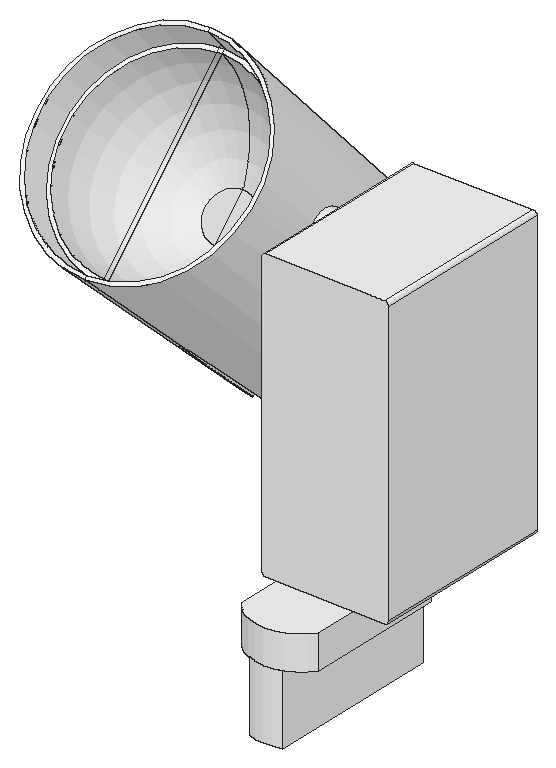
Revit family "0004874 Feilo Sylvania Lighting Fixture START TRACK SPOT S 24W 4K RA90 NB WHITE", category Lighting Fixtures, host Face, Revit 2017 (continued)
Definition of nested family "Start Track Spot Head"
  Types (96, lengths in mm): name | Wattage | built-in parameter 1150134 | Photometric Web File | Model | built-in parameter 1150105 | Lumens | built-in parameter 1150107 | built-in parameter 1150106 | HeadThickness_FEILO | HeadRibOffset_FEILO | HeadRibDepth_FEILO | HeadRibCutWidth_FEILO | HeadRibCutOffset_FEILO | HeadReflectorRadius_FEILO | HeadReflectorOffset_FEILO | HeadLEDRadius_FEILO | HeadHeight_FEILO | HeadDiffusorOffset_FEILO | HeadDiaOut_FEILO | HeadDiaIn_FEILO | HeadAxisFromTop_FEILO | Emit from Circle Diameter | built-in parameter 1150104 | Description | Apparent Load
    0004864 START TRACK SPOT S 24W 3K RA90 WB WHITE | 24 W | (empty or 0) | "0004864.ies" | "START TRACK SPOT S 24W 3K RA90 WB WHITE" | 152.79 (stored number, unit not read) | 1920 lm | 3000 (stored number, unit not read) | 1.5279 (stored number, unit not read) | 1.5 | 4.179 | 55.714 | 7.167 | 50.87 | 50.588 | 55.714 | 9.556 | 117 | 9.435 | 86 | 77.477 | 69.354 | 77.477 | 7.4322 (stored number, unit not read) | "Integrated LED spotlight, Textured White - RAL9016, compact and minimalist design, ideal for retail applications, die-cast aluminium body, passive cooling heatsink. Beam angle: 64°, color temperature: 3000K , total system power: 24W, total fixture output: 1928 lm, LOR: 100%, colour rendering: Ra: 90 typical, LED Chromaticity: 3 step MacAdam ellipse, lifetime: >50000 hours at L70B50, energy class: A++, A+, A, IR/UV free light source without heat radiation, operating voltage: 220-240V / 50-60Hz, drive current: 600mA, electronic driver, non-dimmable, power factor: 0.95, electrical protection: Class II, Global Track 3 Phase adapter suitable for Global trac 3-circuit tracks, ingress protection rating: IP20, suitable for internal environment only, horizontal rotation: 355°, vertical tilt: 90°, dimensions: Ø86x140x200, weight: 0.966kg." | 24 VA
    0004863 START TRACK SPOT S 24W 3K RA90 MB WHITE | 24 W | (empty or 0) | "0004863.ies" | "START TRACK SPOT S 24W 3K RA90 MB WHITE" | 154.7 (stored number, unit not read) | 1944 lm | 3000 (stored number, unit not read) | 1.547 (stored number, unit not read) | 1.5 | 4.179 | 55.714 | 7.167 | 50.87 | 50.588 | 55.714 | 9.556 | 117 | 9.435 | 86 | 77.477 | 69.354 | 77.477 | 7.5251 (stored number, unit not read) | "Integrated LED spotlight, Textured White - RAL9016, compact and minimalist design, ideal for retail applications, die-cast aluminium body, passive cooling heatsink. Beam angle: 36°, color temperature: 3000K , total system power: 24W, total fixture output: 1944 lm, LOR: 100%, colour rendering: Ra: 90 typical, LED Chromaticity: 3 step MacAdam ellipse, lifetime: >50000 hours at L70B50, energy class: A++, A+, A, IR/UV free light source without heat radiation, operating voltage: 220-240V / 50-60Hz, drive current: 600mA, electronic driver, non-dimmable, power factor: 0.95, electrical protection: Class II, Global Track 3 Phase adapter suitable for Global trac 3-circuit tracks, ingress protection rating: IP20, suitable for internal environment only, horizontal rotation: 355°, vertical tilt: 90°, dimensions: Ø86x140x200, weight: 0.966kg." | 24 VA
    0004862 START TRACK SPOT S 24W 3K RA90 NB WHITE | 24 W | (empty or 0) | "0004862.ies" | "START TRACK SPOT S 24W 3K RA90 NB WHITE" | 158.52 (stored number, unit not read) | 1992 lm | 3000 (stored number, unit not read) | 1.5852 (stored number, unit not read) | 1.5 | 4.179 | 55.714 | 7.167 | 50.87 | 50.588 | 55.714 | 9.556 | 117 | 9.435 | 86 | 77.477 | 69.354 | 77.477 | 7.711 (stored number, unit not read) | "Integrated LED spotlight, Textured White - RAL9016, compact and minimalist design, ideal for retail applications, die-cast aluminium body, passive cooling heatsink. Beam angle: 12°, color temperature: 3000K , total system power: 24W, total fixture output: 1987 lm, LOR: 100%, colour rendering: Ra: 90 typical, LED Chromaticity: 3 step MacAdam ellipse, lifetime: >50000 hours at L70B50, energy class: A++, A+, A, IR/UV free light source without heat radiation, operating voltage: 220-240V / 50-60Hz, drive current: 600mA, electronic driver, non-dimmable, power factor: 0.95, electrical protection: Class II, Global Track 3 Phase adapter suitable for Global trac 3-circuit tracks, ingress protection rating: IP20, suitable for internal environment only, horizontal rotation: 355°, vertical tilt: 90°, dimensions: Ø86x140x200, weight: 0.966kg." | 24 VA
    0004861 START TRACK SPOT S 14W 3K RA90 WB WHITE | 14 W | (empty or 0) | "0004861.ies" | "START TRACK SPOT S 14W 3K RA90 WB WHITE" | 100.27 (stored number, unit not read) | 1260 lm | 3000 (stored number, unit not read) | 1.0027 (stored number, unit not read) | 1.5 | 4.179 | 55.714 | 7.167 | 50.87 | 50.588 | 55.714 | 9.556 | 117 | 9.435 | 86 | 77.477 | 69.354 | 77.477 | 8.3613 (stored number, unit not read) | "Integrated LED spotlight, Textured White - RAL9016, compact and minimalist design, ideal for retail applications, die-cast aluminium body, passive cooling heatsink. Beam angle: 64°, color temperature: 3000K , total system power: 14W, total fixture output: 1262 lm, LOR: 100%, colour rendering: Ra: 90 typical, LED Chromaticity: 3 step MacAdam ellipse, lifetime: >50000 hours at L70B50, energy class: A++, A+, A, IR/UV free light source without heat radiation, operating voltage: 220-240V / 50-60Hz, drive current: 350mA, electronic driver, non-dimmable, power factor: 0.92, electrical protection: Class II, Global Track 3 Phase adapter suitable for Global trac 3-circuit tracks, ingress protection rating: IP20, suitable for internal environment only, horizontal rotation: 355°, vertical tilt: 90°, dimensions: Ø86x140x200, weight: 0.940kg." | 14 VA
    0004860 START TRACK SPOT S 14W 3K RA90 MB WHITE | 14 W | (empty or 0) | "0004860.ies" | "START TRACK SPOT S 14W 3K RA90 MB WHITE" | 100.27 (stored number, unit not read) | 1260 lm | 3000 (stored number, unit not read) | 1.0027 (stored number, unit not read) | 1.5 | 4.179 | 55.714 | 7.167 | 50.87 | 50.588 | 55.714 | 9.556 | 117 | 9.435 | 86 | 77.477 | 69.354 | 77.477 | 8.3613 (stored number, unit not read) | "Integrated LED spotlight, Textured White - RAL9016, compact and minimalist design, ideal for retail applications, die-cast aluminium body, passive cooling heatsink. Beam angle: 36°, color temperature: 3000K , total system power: 14W, total fixture output: 1262 lm, LOR: 100%, colour rendering: Ra: 90 typical, LED Chromaticity: 3 step MacAdam ellipse, lifetime: >50000 hours at L70B50, energy class: A++, A+, A, IR/UV free light source without heat radiation, operating voltage: 220-240V / 50-60Hz, drive current: 350mA, electronic driver, non-dimmable, power factor: 0.92, electrical protection: Class II, Global Track 3 Phase adapter suitable for Global trac 3-circuit tracks, ingress protection rating: IP20, suitable for internal environment only, horizontal rotation: 355°, vertical tilt: 90°, dimensions: Ø86x140x200, weight: 0.940kg." | 14 VA
    0004859 START TRACK SPOT S 14W 3K RA90 NB WHITE | 14 W | (empty or 0) | "0004859.ies" | "START TRACK SPOT S 14W 3K RA90 NB WHITE" | 102.5 (stored number, unit not read) | 1288 lm | 3000 (stored number, unit not read) | 1.025 (stored number, unit not read) | 1.5 | 4.179 | 55.714 | 7.167 | 50.87 | 50.588 | 55.714 | 9.556 | 117 | 9.435 | 86 | 77.477 | 69.354 | 77.477 | 8.5471 (stored number, unit not read) | "Integrated LED spotlight, Textured White - RAL9016, compact and minimalist design, ideal for retail applications, die-cast aluminium body, passive cooling heatsink. Beam angle: 12°, color temperature: 3000K , total system power: 14W, total fixture output: 1284 lm, LOR: 100%, colour rendering: Ra: 90 typical, LED Chromaticity: 3 step MacAdam ellipse, lifetime: >50000 hours at L70B50, energy class: A++, A+, A, IR/UV free light source without heat radiation, operating voltage: 220-240V / 50-60Hz, drive current: 350mA, electronic driver, non-dimmable, power factor: 0.92, electrical protection: Class II, Global Track 3 Phase adapter suitable for Global trac 3-circuit tracks, ingress protection rating: IP20, suitable for internal environment only, horizontal rotation: 355°, vertical tilt: 90°, dimensions: Ø86x140x200, weight: 0.940kg." | 14 VA
    0004858 START TRACK SPOT L 55W 4K RA80 WB BLACK | 55 W | 12 | "0004858.ies" | "START TRACK SPOT L 55W 4K RA80 WB BLACK" | 424.55 (stored number, unit not read) | 5335 lm | 4000 (stored number, unit not read) | 4.2455 (stored number, unit not read) | 2 | 4.429 | 59.048 | 9.417 | 53.913 | 66.471 | 59.048 | 12.556 | 124 | 10 | 113 | 101.802 | 73.503 | 101.802 | 9.0116 (stored number, unit not read) | "Integrated LED spotlight, Textured Black - RAL9005, compact and minimalist design, ideal for retail applications, die-cast aluminium body, passive cooling heatsink. Beam angle: 52°, color temperature: 4000K , total system power: 55W, total fixture output: 5320 lm, LOR: 100%, colour rendering: Ra: 80 typical, LED Chromaticity: 3 step MacAdam ellipse, lifetime: >50000 hours at L70B50, energy class: A++, A+, A, IR/UV free light source without heat radiation, operating voltage: 220-240V / 50-60Hz, drive current: 1400mA, electronic driver, non-dimmable, power factor: 0.96, electrical protection: Class II, Global Track 3 Phase adapter suitable for Global trac 3-circuit tracks, ingress protection rating: IP20, suitable for internal environment only, horizontal rotation: 355°, vertical tilt: 90°, dimensions: Ø113x164x240, weight: 1.398kg." | 55 VA
    0004857 START TRACK SPOT L 55W 4K RA80 MB BLACK | 55 W | 12 | "0004857.ies" | "START TRACK SPOT L 55W 4K RA80 MB BLACK" | 428.92 (stored number, unit not read) | 5390 lm | 4000 (stored number, unit not read) | 4.2892 (stored number, unit not read) | 2 | 4.429 | 59.048 | 9.417 | 53.913 | 66.471 | 59.048 | 12.556 | 124 | 10 | 113 | 101.802 | 73.503 | 101.802 | 9.1045 (stored number, unit not read) | "Integrated LED spotlight, Textured Black - RAL9005, compact and minimalist design, ideal for retail applications, die-cast aluminium body, passive cooling heatsink. Beam angle: 38°, color temperature: 4000K , total system power: 55W, total fixture output: 5378 lm, LOR: 100%, colour rendering: Ra: 80 typical, LED Chromaticity: 3 step MacAdam ellipse, lifetime: >50000 hours at L70B50, energy class: A++, A+, A, IR/UV free light source without heat radiation, operating voltage: 220-240V / 50-60Hz, drive current: 1400mA, electronic driver, non-dimmable, power factor: 0.96, electrical protection: Class II, Global Track 3 Phase adapter suitable for Global trac 3-circuit tracks, ingress protection rating: IP20, suitable for internal environment only, horizontal rotation: 355°, vertical tilt: 90°, dimensions: Ø113x164x240, weight: 1.398kg." | 55 VA
    0004856 START TRACK SPOT L 55W 4K RA80 NB BLACK | 55 W | 12 | "0004856.ies" | "START TRACK SPOT L 55W 4K RA80 NB BLACK" | 433.3 (stored number, unit not read) | 5445 lm | 4000 (stored number, unit not read) | 4.333 (stored number, unit not read) | 2 | 4.429 | 59.048 | 9.417 | 53.913 | 66.471 | 59.048 | 12.556 | 124 | 10 | 113 | 101.802 | 73.503 | 101.802 | 9.1974 (stored number, unit not read) | "Integrated LED spotlight, Textured Black - RAL9005, compact and minimalist design, ideal for retail applications, die-cast aluminium body, passive cooling heatsink. Beam angle: 15°, color temperature: 4000K , total system power: 55W, total fixture output: 5426 lm, LOR: 100%, colour rendering: Ra: 80 typical, LED Chromaticity: 3 step MacAdam ellipse, lifetime: >50000 hours at L70B50, energy class: A++, A+, A, IR/UV free light source without heat radiation, operating voltage: 220-240V / 50-60Hz, drive current: 1400mA, electronic driver, non-dimmable, power factor: 0.96, electrical protection: Class II, Global Track 3 Phase adapter suitable for Global trac 3-circuit tracks, ingress protection rating: IP20, suitable for internal environment only, horizontal rotation: 355°, vertical tilt: 90°, dimensions: Ø113x164x240, weight: 1.398kg." | 55 VA
    0004855 START TRACK SPOT L 35W 4K RA80 WB BLACK | 35 W | 12 | "0004855.ies" | "START TRACK SPOT L 35W 4K RA80 WB BLACK" | 320.3 (stored number, unit not read) | 4025 lm | 4000 (stored number, unit not read) | 3.203 (stored number, unit not read) | 2 | 4.429 | 59.048 | 9.417 | 53.913 | 66.471 | 59.048 | 12.556 | 124 | 10 | 113 | 101.802 | 73.503 | 101.802 | 10.684 (stored number, unit not read) | "Integrated LED spotlight, Textured Black - RAL9005, compact and minimalist design, ideal for retail applications, die-cast aluminium body, passive cooling heatsink. Beam angle: 52°, color temperature: 4000K , total system power: 35W, total fixture output: 4010 lm, LOR: 100%, colour rendering: Ra: 80 typical, LED Chromaticity: 3 step MacAdam ellipse, lifetime: >50000 hours at L70B50, energy class: A++, A+, A, IR/UV free light source without heat radiation, operating voltage: 220-240V / 50-60Hz, drive current: 900mA, electronic driver, non-dimmable, power factor: 0.93, electrical protection: Class II, Global Track 3 Phase adapter suitable for Global trac 3-circuit tracks, ingress protection rating: IP20, suitable for internal environment only, horizontal rotation: 355°, vertical tilt: 90°, dimensions: Ø113x164x240, weight: 1.368kg." | 35 VA
    0004854 START TRACK SPOT L 35W 4K RA80 MB BLACK | 35 W | 12 | "0004854.ies" | "START TRACK SPOT L 35W 4K RA80 MB BLACK" | 320.3 (stored number, unit not read) | 4025 lm | 4000 (stored number, unit not read) | 3.203 (stored number, unit not read) | 2 | 4.429 | 59.048 | 9.417 | 53.913 | 66.471 | 59.048 | 12.556 | 124 | 10 | 113 | 101.802 | 73.503 | 101.802 | 10.684 (stored number, unit not read) | "Integrated LED spotlight, Textured Black - RAL9005, compact and minimalist design, ideal for retail applications, die-cast aluminium body, passive cooling heatsink. Beam angle: 38°, color temperature: 4000K , total system power: 35W, total fixture output: 4017 lm, LOR: 100%, colour rendering: Ra: 80 typical, LED Chromaticity: 3 step MacAdam ellipse, lifetime: >50000 hours at L70B50, energy class: A++, A+, A, IR/UV free light source without heat radiation, operating voltage: 220-240V / 50-60Hz, drive current: 900mA, electronic driver, non-dimmable, power factor: 0.93, electrical protection: Class II, Global Track 3 Phase adapter suitable for Global trac 3-circuit tracks, ingress protection rating: IP20, suitable for internal environment only, horizontal rotation: 355°, vertical tilt: 90°, dimensions: Ø113x164x240, weight: 1.368kg." | 35 VA
    0004853 START TRACK SPOT L 35W 4K RA80 NB BLACK | 35 W | 12 | "0004853.ies" | "START TRACK SPOT L 35W 4K RA80 NB BLACK" | 331.44 (stored number, unit not read) | 4165 lm | 4000 (stored number, unit not read) | 3.3144 (stored number, unit not read) | 2 | 4.429 | 59.048 | 9.417 | 53.913 | 66.471 | 59.048 | 12.556 | 124 | 10 | 113 | 101.802 | 73.503 | 101.802 | 11.055 (stored number, unit not read) | "Integrated LED spotlight, Textured Black - RAL9005, compact and minimalist design, ideal for retail applications, die-cast aluminium body, passive cooling heatsink. Beam angle: 15°, color temperature: 4000K , total system power: 35W, total fixture output: 4174 lm, LOR: 100%, colour rendering: Ra: 80 typical, LED Chromaticity: 3 step MacAdam ellipse, lifetime: >50000 hours at L70B50, energy class: A++, A+, A, IR/UV free light source without heat radiation, operating voltage: 220-240V / 50-60Hz, drive current: 900mA, electronic driver, non-dimmable, power factor: 0.93, electrical protection: Class II, Global Track 3 Phase adapter suitable for Global trac 3-circuit tracks, ingress protection rating: IP20, suitable for internal environment only, horizontal rotation: 355°, vertical tilt: 90°, dimensions: Ø113x164x240, weight: 1.368kg." | 35 VA
    0004852 START TRACK SPOT S 24W 4K RA80 WB BLACK | 24 W | 12 | "0004852.ies" | "START TRACK SPOT S 24W 4K RA80 WB BLACK" | 196.72 (stored number, unit not read) | 2472 lm | 4000 (stored number, unit not read) | 1.9672 (stored number, unit not read) | 1.5 | 4.179 | 55.714 | 7.167 | 50.87 | 50.588 | 55.714 | 9.556 | 117 | 9.435 | 86 | 77.477 | 69.354 | 77.477 | 9.569 (stored number, unit not read) | "Integrated LED spotlight, Textured Black - RAL9005, compact and minimalist design, ideal for retail applications, die-cast aluminium body, passive cooling heatsink. Beam angle: 64°, color temperature: 4000K , total system power: 24W, total fixture output: 2476 lm, LOR: 100%, colour rendering: Ra: 80 typical, LED Chromaticity: 3 step MacAdam ellipse, lifetime: >50000 hours at L70B50, energy class: A++, A+, A, IR/UV free light source without heat radiation, operating voltage: 220-240V / 50-60Hz, drive current: 600mA, electronic driver, non-dimmable, power factor: 0.95, electrical protection: Class II, Global Track 3 Phase adapter suitable for Global trac 3-circuit tracks, ingress protection rating: IP20, suitable for internal environment only, horizontal rotation: 355°, vertical tilt: 90°, dimensions: Ø86x140x200, weight: 0.966kg." | 24 VA
    0004851 START TRACK SPOT S 24W 4K RA80 MB BLACK | 24 W | 12 | "0004851.ies" | "START TRACK SPOT S 24W 4K RA80 MB BLACK" | 198.63 (stored number, unit not read) | 2496 lm | 4000 (stored number, unit not read) | 1.9863 (stored number, unit not read) | 1.5 | 4.179 | 55.714 | 7.167 | 50.87 | 50.588 | 55.714 | 9.556 | 117 | 9.435 | 86 | 77.477 | 69.354 | 77.477 | 9.6619 (stored number, unit not read) | "Integrated LED spotlight, Textured Black - RAL9005, compact and minimalist design, ideal for retail applications, die-cast aluminium body, passive cooling heatsink. Beam angle: 36°, color temperature: 4000K , total system power: 24W, total fixture output: 2487 lm, LOR: 100%, colour rendering: Ra: 80 typical, LED Chromaticity: 3 step MacAdam ellipse, lifetime: >50000 hours at L70B50, energy class: A++, A+, A, IR/UV free light source without heat radiation, operating voltage: 220-240V / 50-60Hz, drive current: 600mA, electronic driver, non-dimmable, power factor: 0.95, electrical protection: Class II, Global Track 3 Phase adapter suitable for Global trac 3-circuit tracks, ingress protection rating: IP20, suitable for internal environment only, horizontal rotation: 355°, vertical tilt: 90°, dimensions: Ø86x140x200, weight: 0.966kg." | 24 VA
    0004850 START TRACK SPOT S 24W 4K RA80 NB BLACK | 24 W | 12 | "0004850.ies" | "START TRACK SPOT S 24W 4K RA80 NB BLACK" | 200.54 (stored number, unit not read) | 2520 lm | 4000 (stored number, unit not read) | 2.0054 (stored number, unit not read) | 1.5 | 4.179 | 55.714 | 7.167 | 50.87 | 50.588 | 55.714 | 9.556 | 117 | 9.435 | 86 | 77.477 | 69.354 | 77.477 | 9.7548 (stored number, unit not read) | "Integrated LED spotlight, Textured Black - RAL9005, compact and minimalist design, ideal for retail applications, die-cast aluminium body, passive cooling heatsink. Beam angle: 12°, color temperature: 4000K , total system power: 24W, total fixture output: 2529 lm, LOR: 100%, colour rendering: Ra: 80 typical, LED Chromaticity: 3 step MacAdam ellipse, lifetime: >50000 hours at L70B50, energy class: A++, A+, A, IR/UV free light source without heat radiation, operating voltage: 220-240V / 50-60Hz, drive current: 600mA, electronic driver, non-dimmable, power factor: 0.95, electrical protection: Class II, Global Track 3 Phase adapter suitable for Global trac 3-circuit tracks, ingress protection rating: IP20, suitable for internal environment only, horizontal rotation: 355°, vertical tilt: 90°, dimensions: Ø86x140x200, weight: 0.966kg." | 24 VA
    0004849 START TRACK SPOT S 14W 4K RA80 WB BLACK | 14 W | 12 | "0004849.ies" | "START TRACK SPOT S 14W 4K RA80 WB BLACK" | 123.66 (stored number, unit not read) | 1554 lm | 4000 (stored number, unit not read) | 1.2366 (stored number, unit not read) | 1.5 | 4.179 | 55.714 | 7.167 | 50.87 | 50.588 | 55.714 | 9.556 | 117 | 9.435 | 86 | 77.477 | 69.354 | 77.477 | 10.312 (stored number, unit not read) | "Integrated LED spotlight, Textured Black - RAL9005, compact and minimalist design, ideal for retail applications, die-cast aluminium body, passive cooling heatsink. Beam angle: 64°, color temperature: 4000K , total system power: 14W, total fixture output: 1558 lm, LOR: 100%, colour rendering: Ra: 80 typical, LED Chromaticity: 3 step MacAdam ellipse, lifetime: >50000 hours at L70B50, energy class: A++, A+, A, IR/UV free light source without heat radiation, operating voltage: 220-240V / 50-60Hz, drive current: 350mA, electronic driver, non-dimmable, power factor: 0.92, electrical protection: Class II, Global Track 3 Phase adapter suitable for Global trac 3-circuit tracks, ingress protection rating: IP20, suitable for internal environment only, horizontal rotation: 355°, vertical tilt: 90°, dimensions: Ø86x140x200, weight: 0.940kg." | 14 VA
    0004848 START TRACK SPOT S 14W 4K RA80 MB BLACK | 14 W | 12 | "0004848.ies" | "START TRACK SPOT S 14W 4K RA80 MB BLACK" | 127.01 (stored number, unit not read) | 1596 lm | 4000 (stored number, unit not read) | 1.2701 (stored number, unit not read) | 1.5 | 4.179 | 55.714 | 7.167 | 50.87 | 50.588 | 55.714 | 9.556 | 117 | 9.435 | 86 | 77.477 | 69.354 | 77.477 | 10.591 (stored number, unit not read) | "Integrated LED spotlight, Textured Black - RAL9005, compact and minimalist design, ideal for retail applications, die-cast aluminium body, passive cooling heatsink. Beam angle: 36°, color temperature: 4000K , total system power: 14W, total fixture output: 1598 lm, LOR: 100%, colour rendering: Ra: 80 typical, LED Chromaticity: 3 step MacAdam ellipse, lifetime: >50000 hours at L70B50, energy class: A++, A+, A, IR/UV free light source without heat radiation, operating voltage: 220-240V / 50-60Hz, drive current: 350mA, electronic driver, non-dimmable, power factor: 0.92, electrical protection: Class II, Global Track 3 Phase adapter suitable for Global trac 3-circuit tracks, ingress protection rating: IP20, suitable for internal environment only, horizontal rotation: 355°, vertical tilt: 90°, dimensions: Ø86x140x200, weight: 0.940kg." | 14 VA
    0004847 START TRACK SPOT S 14W 4K RA80 NB BLACK | 14 W | 12 | "0004847.ies" | "START TRACK SPOT S 14W 4K RA80 NB BLACK" | 128.12 (stored number, unit not read) | 1610 lm | 4000 (stored number, unit not read) | 1.2812 (stored number, unit not read) | 1.5 | 4.179 | 55.714 | 7.167 | 50.87 | 50.588 | 55.714 | 9.556 | 117 | 9.435 | 86 | 77.477 | 69.354 | 77.477 | 10.684 (stored number, unit not read) | "Integrated LED spotlight, Textured Black - RAL9005, compact and minimalist design, ideal for retail applications, die-cast aluminium body, passive cooling heatsink. Beam angle: 12°, color temperature: 4000K , total system power: 14W, total fixture output: 1608 lm, LOR: 100%, colour rendering: Ra: 80 typical, LED Chromaticity: 3 step MacAdam ellipse, lifetime: >50000 hours at L70B50, energy class: A++, A+, A, IR/UV free light source without heat radiation, operating voltage: 220-240V / 50-60Hz, drive current: 350mA, electronic driver, non-dimmable, power factor: 0.92, electrical protection: Class II, Global Track 3 Phase adapter suitable for Global trac 3-circuit tracks, ingress protection rating: IP20, suitable for internal environment only, horizontal rotation: 355°, vertical tilt: 90°, dimensions: Ø86x140x200, weight: 0.940kg." | 14 VA
    0004846 START TRACK SPOT L 55W 3K RA80 WB BLACK | 55 W | (empty or 0) | "0004846.ies" | "START TRACK SPOT L 55W 3K RA80 WB BLACK" | 420.17 (stored number, unit not read) | 5280 lm | 3000 (stored number, unit not read) | 4.2017 (stored number, unit not read) | 2 | 4.429 | 59.048 | 9.417 | 53.913 | 66.471 | 59.048 | 12.556 | 124 | 10 | 113 | 101.802 | 73.503 | 101.802 | 8.9187 (stored number, unit not read) | "Integrated LED spotlight, Textured Black - RAL9005, compact and minimalist design, ideal for retail applications, die-cast aluminium body, passive cooling heatsink. Beam angle: 52°, color temperature: 3000K , total system power: 55W, total fixture output: 5298 lm, LOR: 100%, colour rendering: Ra: 80 typical, LED Chromaticity: 3 step MacAdam ellipse, lifetime: >50000 hours at L70B50, energy class: A++, A+, A, IR/UV free light source without heat radiation, operating voltage: 220-240V / 50-60Hz, drive current: 1400mA, electronic driver, non-dimmable, power factor: 0.96, electrical protection: Class II, Global Track 3 Phase adapter suitable for Global trac 3-circuit tracks, ingress protection rating: IP20, suitable for internal environment only, horizontal rotation: 355°, vertical tilt: 90°, dimensions: Ø113x164x240, weight: 1.398kg." | 55 VA
    0004845 START TRACK SPOT L 55W 3K RA80 MB BLACK | 55 W | (empty or 0) | "0004845.ies" | "START TRACK SPOT L 55W 3K RA80 MB BLACK" | 428.92 (stored number, unit not read) | 5390 lm | 3000 (stored number, unit not read) | 4.2892 (stored number, unit not read) | 2 | 4.429 | 59.048 | 9.417 | 53.913 | 66.471 | 59.048 | 12.556 | 124 | 10 | 113 | 101.802 | 73.503 | 101.802 | 9.1045 (stored number, unit not read) | "Integrated LED spotlight, Textured Black - RAL9005, compact and minimalist design, ideal for retail applications, die-cast aluminium body, passive cooling heatsink. Beam angle: 38°, color temperature: 3000K , total system power: 55W, total fixture output: 5381 lm, LOR: 100%, colour rendering: Ra: 80 typical, LED Chromaticity: 3 step MacAdam ellipse, lifetime: >50000 hours at L70B50, energy class: A++, A+, A, IR/UV free light source without heat radiation, operating voltage: 220-240V / 50-60Hz, drive current: 1400mA, electronic driver, non-dimmable, power factor: 0.96, electrical protection: Class II, Global Track 3 Phase adapter suitable for Global trac 3-circuit tracks, ingress protection rating: IP20, suitable for internal environment only, horizontal rotation: 355°, vertical tilt: 90°, dimensions: Ø113x164x240, weight: 1.398kg." | 55 VA
    0004844 START TRACK SPOT L 55W 3K RA80 NB BLACK | 55 W | (empty or 0) | "0004844.ies" | "START TRACK SPOT L 55W 3K RA80 NB BLACK" | 433.3 (stored number, unit not read) | 5445 lm | 3000 (stored number, unit not read) | 4.333 (stored number, unit not read) | 2 | 4.429 | 59.048 | 9.417 | 53.913 | 66.471 | 59.048 | 12.556 | 124 | 10 | 113 | 101.802 | 73.503 | 101.802 | 9.1974 (stored number, unit not read) | "Integrated LED spotlight, Textured Black - RAL9005, compact and minimalist design, ideal for retail applications, die-cast aluminium body, passive cooling heatsink. Beam angle: 15°, color temperature: 3000K , total system power: 55W, total fixture output: 5449 lm, LOR: 100%, colour rendering: Ra: 80 typical, LED Chromaticity: 3 step MacAdam ellipse, lifetime: >50000 hours at L70B50, energy class: A++, A+, A, IR/UV free light source without heat radiation, operating voltage: 220-240V / 50-60Hz, drive current: 1400mA, electronic driver, non-dimmable, power factor: 0.96, electrical protection: Class II, Global Track 3 Phase adapter suitable for Global trac 3-circuit tracks, ingress protection rating: IP20, suitable for internal environment only, horizontal rotation: 355°, vertical tilt: 90°, dimensions: Ø113x164x240, weight: 1.398kg." | 55 VA
    0004843 START TRACK SPOT L 35W 3K RA80 WB BLACK | 35 W | (empty or 0) | "0004843.ies" | "START TRACK SPOT L 35W 3K RA80 WB BLACK" | 314.73 (stored number, unit not read) | 3955 lm | 3000 (stored number, unit not read) | 3.1473 (stored number, unit not read) | 2 | 4.429 | 59.048 | 9.417 | 53.913 | 66.471 | 59.048 | 12.556 | 124 | 10 | 113 | 101.802 | 73.503 | 101.802 | 10.498 (stored number, unit not read) | "Integrated LED spotlight, Textured Black - RAL9005, compact and minimalist design, ideal for retail applications, die-cast aluminium body, passive cooling heatsink. Beam angle: 52°, color temperature: 3000K , total system power: 35W, total fixture output: 3943 lm, LOR: 100%, colour rendering: Ra: 80 typical, LED Chromaticity: 3 step MacAdam ellipse, lifetime: >50000 hours at L70B50, energy class: A++, A+, A, IR/UV free light source without heat radiation, operating voltage: 220-240V / 50-60Hz, drive current: 900mA, electronic driver, non-dimmable, power factor: 0.93, electrical protection: Class II, Global Track 3 Phase adapter suitable for Global trac 3-circuit tracks, ingress protection rating: IP20, suitable for internal environment only, horizontal rotation: 355°, vertical tilt: 90°, dimensions: Ø113x164x240, weight: 1.368kg." | 35 VA
    0004842 START TRACK SPOT L 35W 3K RA80 MB BLACK | 35 W | (empty or 0) | "0004842.ies" | "START TRACK SPOT L 35W 3K RA80 MB BLACK" | 320.3 (stored number, unit not read) | 4025 lm | 3000 (stored number, unit not read) | 3.203 (stored number, unit not read) | 2 | 4.429 | 59.048 | 9.417 | 53.913 | 66.471 | 59.048 | 12.556 | 124 | 10 | 113 | 101.802 | 73.503 | 101.802 | 10.684 (stored number, unit not read) | "Integrated LED spotlight, Textured Black - RAL9005, compact and minimalist design, ideal for retail applications, die-cast aluminium body, passive cooling heatsink. Beam angle: 38°, color temperature: 3000K , total system power: 35W, total fixture output: 4008 lm, LOR: 100%, colour rendering: Ra: 80 typical, LED Chromaticity: 3 step MacAdam ellipse, lifetime: >50000 hours at L70B50, energy class: A++, A+, A, IR/UV free light source without heat radiation, operating voltage: 220-240V / 50-60Hz, drive current: 900mA, electronic driver, non-dimmable, power factor: 0.93, electrical protection: Class II, Global Track 3 Phase adapter suitable for Global trac 3-circuit tracks, ingress protection rating: IP20, suitable for internal environment only, horizontal rotation: 355°, vertical tilt: 90°, dimensions: Ø113x164x240, weight: 1.368kg." | 35 VA
    0004841 START TRACK SPOT L 35W 3K RA80 NB BLACK | 35 W | (empty or 0) | "0004841.ies" | "START TRACK SPOT L 35W 3K RA80 NB BLACK" | 317.51 (stored number, unit not read) | 3990 lm | 3000 (stored number, unit not read) | 3.1751 (stored number, unit not read) | 2 | 4.429 | 59.048 | 9.417 | 53.913 | 66.471 | 59.048 | 12.556 | 124 | 10 | 113 | 101.802 | 73.503 | 101.802 | 10.591 (stored number, unit not read) | "Integrated LED spotlight, Textured Black - RAL9005, compact and minimalist design, ideal for retail applications, die-cast aluminium body, passive cooling heatsink. Beam angle: 15°, color temperature: 3000K , total system power: 35W, total fixture output: 4005 lm, LOR: 100%, colour rendering: Ra: 80 typical, LED Chromaticity: 3 step MacAdam ellipse, lifetime: >50000 hours at L70B50, energy class: A++, A+, A, IR/UV free light source without heat radiation, operating voltage: 220-240V / 50-60Hz, drive current: 900mA, electronic driver, non-dimmable, power factor: 0.93, electrical protection: Class II, Global Track 3 Phase adapter suitable for Global trac 3-circuit tracks, ingress protection rating: IP20, suitable for internal environment only, horizontal rotation: 355°, vertical tilt: 90°, dimensions: Ø113x164x240, weight: 1.368kg." | 35 VA
    0004840 START TRACK SPOT S 24W 3K RA80 WB BLACK | 24 W | (empty or 0) | "0004840.ies" | "START TRACK SPOT S 24W 3K RA80 WB BLACK" | 185.26 (stored number, unit not read) | 2328 lm | 3000 (stored number, unit not read) | 1.8526 (stored number, unit not read) | 1.5 | 4.179 | 55.714 | 7.167 | 50.87 | 50.588 | 55.714 | 9.556 | 117 | 9.435 | 86 | 77.477 | 69.354 | 77.477 | 9.0116 (stored number, unit not read) | "Integrated LED spotlight, Textured Black - RAL9005, compact and minimalist design, ideal for retail applications, die-cast aluminium body, passive cooling heatsink. Beam angle: 64°, color temperature: 3000K , total system power: 24W, total fixture output: 2318 lm, LOR: 100%, colour rendering: Ra: 80 typical, LED Chromaticity: 3 step MacAdam ellipse, lifetime: >50000 hours at L70B50, energy class: A++, A+, A, IR/UV free light source without heat radiation, operating voltage: 220-240V / 50-60Hz, drive current: 600mA, electronic driver, non-dimmable, power factor: 0.95, electrical protection: Class II, Global Track 3 Phase adapter suitable for Global trac 3-circuit tracks, ingress protection rating: IP20, suitable for internal environment only, horizontal rotation: 355°, vertical tilt: 90°, dimensions: Ø86x140x200, weight: 0.966kg." | 24 VA
    0004839 START TRACK SPOT S 24W 3K RA80 MB BLACK | 24 W | (empty or 0) | "0004839.ies" | "START TRACK SPOT S 24W 3K RA80 MB BLACK" | 183.35 (stored number, unit not read) | 2304 lm | 3000 (stored number, unit not read) | 1.8335 (stored number, unit not read) | 1.5 | 4.179 | 55.714 | 7.167 | 50.87 | 50.588 | 55.714 | 9.556 | 117 | 9.435 | 86 | 77.477 | 69.354 | 77.477 | 8.9187 (stored number, unit not read) | "Integrated LED spotlight, Textured Black - RAL9005, compact and minimalist design, ideal for retail applications, die-cast aluminium body, passive cooling heatsink. Beam angle: 36°, color temperature: 3000K , total system power: 24W, total fixture output: 2314 lm, LOR: 100%, colour rendering: Ra: 80 typical, LED Chromaticity: 3 step MacAdam ellipse, lifetime: >50000 hours at L70B50, energy class: A++, A+, A, IR/UV free light source without heat radiation, operating voltage: 220-240V / 50-60Hz, drive current: 600mA, electronic driver, non-dimmable, power factor: 0.95, electrical protection: Class II, Global Track 3 Phase adapter suitable for Global trac 3-circuit tracks, ingress protection rating: IP20, suitable for internal environment only, horizontal rotation: 355°, vertical tilt: 90°, dimensions: Ø86x140x200, weight: 0.966kg." | 24 VA
    0004838 START TRACK SPOT S 24W 3K RA80 NB BLACK | 24 W | (empty or 0) | "0004838.ies" | "START TRACK SPOT S 24W 3K RA80 NB BLACK" | 185.26 (stored number, unit not read) | 2328 lm | 3000 (stored number, unit not read) | 1.8526 (stored number, unit not read) | 1.5 | 4.179 | 55.714 | 7.167 | 50.87 | 50.588 | 55.714 | 9.556 | 117 | 9.435 | 86 | 77.477 | 69.354 | 77.477 | 9.0116 (stored number, unit not read) | "Integrated LED spotlight, Textured Black - RAL9005, compact and minimalist design, ideal for retail applications, die-cast aluminium body, passive cooling heatsink. Beam angle: 12°, color temperature: 3000K , total system power: 24W, total fixture output: 2334 lm, LOR: 100%, colour rendering: Ra: 80 typical, LED Chromaticity: 3 step MacAdam ellipse, lifetime: >50000 hours at L70B50, energy class: A++, A+, A, IR/UV free light source without heat radiation, operating voltage: 220-240V / 50-60Hz, drive current: 600mA, electronic driver, non-dimmable, power factor: 0.95, electrical protection: Class II, Global Track 3 Phase adapter suitable for Global trac 3-circuit tracks, ingress protection rating: IP20, suitable for internal environment only, horizontal rotation: 355°, vertical tilt: 90°, dimensions: Ø86x140x200, weight: 0.966kg." | 24 VA
    0004837 START TRACK SPOT S 14W 3K RA80 WB BLACK | 14 W | (empty or 0) | "0004837.ies" | "START TRACK SPOT S 14W 3K RA80 WB BLACK" | 119.21 (stored number, unit not read) | 1498 lm | 3000 (stored number, unit not read) | 1.1921 (stored number, unit not read) | 1.5 | 4.179 | 55.714 | 7.167 | 50.87 | 50.588 | 55.714 | 9.556 | 117 | 9.435 | 86 | 77.477 | 69.354 | 77.477 | 9.9406 (stored number, unit not read) | "Integrated LED spotlight, Textured Black - RAL9005, compact and minimalist design, ideal for retail applications, die-cast aluminium body, passive cooling heatsink. Beam angle: 64°, color temperature: 3000K , total system power: 14W, total fixture output: 1498 lm, LOR: 100%, colour rendering: Ra: 80 typical, LED Chromaticity: 3 step MacAdam ellipse, lifetime: >50000 hours at L70B50, energy class: A++, A+, A, IR/UV free light source without heat radiation, operating voltage: 220-240V / 50-60Hz, drive current: 350mA, electronic driver, non-dimmable, power factor: 0.92, electrical protection: Class II, Global Track 3 Phase adapter suitable for Global trac 3-circuit tracks, ingress protection rating: IP20, suitable for internal environment only, horizontal rotation: 355°, vertical tilt: 90°, dimensions: Ø86x140x200, weight: 0.940kg." | 14 VA
    0004836 START TRACK SPOT S 14W 3K RA80 MB BLACK | 14 W | (empty or 0) | "0004836.ies" | "START TRACK SPOT S 14W 3K RA80 MB BLACK" | 120.32 (stored number, unit not read) | 1512 lm | 3000 (stored number, unit not read) | 1.2032 (stored number, unit not read) | 1.5 | 4.179 | 55.714 | 7.167 | 50.87 | 50.588 | 55.714 | 9.556 | 117 | 9.435 | 86 | 77.477 | 69.354 | 77.477 | 10.034 (stored number, unit not read) | "Integrated LED spotlight, Textured Black - RAL9005, compact and minimalist design, ideal for retail applications, die-cast aluminium body, passive cooling heatsink. Beam angle: 36°, color temperature: 3000K , total system power: 14W, total fixture output: 1508 lm, LOR: 100%, colour rendering: Ra: 80 typical, LED Chromaticity: 3 step MacAdam ellipse, lifetime: >50000 hours at L70B50, energy class: A++, A+, A, IR/UV free light source without heat radiation, operating voltage: 220-240V / 50-60Hz, drive current: 350mA, electronic driver, non-dimmable, power factor: 0.92, electrical protection: Class II, Global Track 3 Phase adapter suitable for Global trac 3-circuit tracks, ingress protection rating: IP20, suitable for internal environment only, horizontal rotation: 355°, vertical tilt: 90°, dimensions: Ø86x140x200, weight: 0.940kg." | 14 VA
    0004835 START TRACK SPOT S 14W 3K RA80 NB BLACK | 14 W | (empty or 0) | "0004835.ies" | "START TRACK SPOT S 14W 3K RA80 NB BLACK" | 123.66 (stored number, unit not read) | 1554 lm | 3000 (stored number, unit not read) | 1.2366 (stored number, unit not read) | 1.5 | 4.179 | 55.714 | 7.167 | 50.87 | 50.588 | 55.714 | 9.556 | 117 | 9.435 | 86 | 77.477 | 69.354 | 77.477 | 10.312 (stored number, unit not read) | "Integrated LED spotlight, Textured Black - RAL9005, compact and minimalist design, ideal for retail applications, die-cast aluminium body, passive cooling heatsink. Beam angle: 12°, color temperature: 3000K , total system power: 14W, total fixture output: 1551 lm, LOR: 100%, colour rendering: Ra: 80 typical, LED Chromaticity: 3 step MacAdam ellipse, lifetime: >50000 hours at L70B50, energy class: A++, A+, A, IR/UV free light source without heat radiation, operating voltage: 220-240V / 50-60Hz, drive current: 350mA, electronic driver, non-dimmable, power factor: 0.92, electrical protection: Class II, Global Track 3 Phase adapter suitable for Global trac 3-circuit tracks, ingress protection rating: IP20, suitable for internal environment only, horizontal rotation: 355°, vertical tilt: 90°, dimensions: Ø86x140x200, weight: 0.940kg." | 14 VA
    0004834 START TRACK SPOT L 55W 4K RA80 WB WHITE | 55 W | 12 | "0004834.ies" | "START TRACK SPOT L 55W 4K RA80 WB WHITE" | 424.55 (stored number, unit not read) | 5335 lm | 4000 (stored number, unit not read) | 4.2455 (stored number, unit not read) | 2 | 4.429 | 59.048 | 9.417 | 53.913 | 66.471 | 59.048 | 12.556 | 124 | 10 | 113 | 101.802 | 73.503 | 101.802 | 9.0116 (stored number, unit not read) | "Integrated LED spotlight, Textured White - RAL9016, compact and minimalist design, ideal for retail applications, die-cast aluminium body, passive cooling heatsink. Beam angle: 52°, color temperature: 4000K , total system power: 55W, total fixture output: 5320 lm, LOR: 100%, colour rendering: Ra: 80 typical, LED Chromaticity: 3 step MacAdam ellipse, lifetime: >50000 hours at L70B50, energy class: A++, A+, A, IR/UV free light source without heat radiation, operating voltage: 220-240V / 50-60Hz, drive current: 1400mA, electronic driver, non-dimmable, power factor: 0.96, electrical protection: Class II, Global Track 3 Phase adapter suitable for Global trac 3-circuit tracks, ingress protection rating: IP20, suitable for internal environment only, horizontal rotation: 355°, vertical tilt: 90°, dimensions: Ø113x164x240, weight: 1.398kg." | 55 VA
    0004833 START TRACK SPOT L 55W 4K RA80 MB WHITE | 55 W | 12 | "0004833.ies" | "START TRACK SPOT L 55W 4K RA80 MB WHITE" | 428.92 (stored number, unit not read) | 5390 lm | 4000 (stored number, unit not read) | 4.2892 (stored number, unit not read) | 2 | 4.429 | 59.048 | 9.417 | 53.913 | 66.471 | 59.048 | 12.556 | 124 | 10 | 113 | 101.802 | 73.503 | 101.802 | 9.1045 (stored number, unit not read) | "Integrated LED spotlight, Textured White - RAL9016, compact and minimalist design, ideal for retail applications, die-cast aluminium body, passive cooling heatsink. Beam angle: 38°, color temperature: 4000K , total system power: 55W, total fixture output: 5378 lm, LOR: 100%, colour rendering: Ra: 80 typical, LED Chromaticity: 3 step MacAdam ellipse, lifetime: >50000 hours at L70B50, energy class: A++, A+, A, IR/UV free light source without heat radiation, operating voltage: 220-240V / 50-60Hz, drive current: 1400mA, electronic driver, non-dimmable, power factor: 0.96, electrical protection: Class II, Global Track 3 Phase adapter suitable for Global trac 3-circuit tracks, ingress protection rating: IP20, suitable for internal environment only, horizontal rotation: 355°, vertical tilt: 90°, dimensions: Ø113x164x240, weight: 1.398kg." | 55 VA
    0004832 START TRACK SPOT L 55W 4K RA80 NB WHITE | 55 W | 12 | "0004832.ies" | "START TRACK SPOT L 55W 4K RA80 NB WHITE" | 433.3 (stored number, unit not read) | 5445 lm | 4000 (stored number, unit not read) | 4.333 (stored number, unit not read) | 2 | 4.429 | 59.048 | 9.417 | 53.913 | 66.471 | 59.048 | 12.556 | 124 | 10 | 113 | 101.802 | 73.503 | 101.802 | 9.1974 (stored number, unit not read) | "Integrated LED spotlight, Textured White - RAL9016, compact and minimalist design, ideal for retail applications, die-cast aluminium body, passive cooling heatsink. Beam angle: 15°, color temperature: 4000K , total system power: 55W, total fixture output: 5426 lm, LOR: 100%, colour rendering: Ra: 80 typical, LED Chromaticity: 3 step MacAdam ellipse, lifetime: >50000 hours at L70B50, energy class: A++, A+, A, IR/UV free light source without heat radiation, operating voltage: 220-240V / 50-60Hz, drive current: 1400mA, electronic driver, non-dimmable, power factor: 0.96, electrical protection: Class II, Global Track 3 Phase adapter suitable for Global trac 3-circuit tracks, ingress protection rating: IP20, suitable for internal environment only, horizontal rotation: 355°, vertical tilt: 90°, dimensions: Ø113x164x240, weight: 1.398kg." | 55 VA
    0004831 START TRACK SPOT L 35W 4K RA80 WB WHITE | 35 W | 12 | "0004831.ies" | "START TRACK SPOT L 35W 4K RA80 WB WHITE" | 320.3 (stored number, unit not read) | 4025 lm | 4000 (stored number, unit not read) | 3.203 (stored number, unit not read) | 2 | 4.429 | 59.048 | 9.417 | 53.913 | 66.471 | 59.048 | 12.556 | 124 | 10 | 113 | 101.802 | 73.503 | 101.802 | 10.684 (stored number, unit not read) | "Integrated LED spotlight, Textured White - RAL9016, compact and minimalist design, ideal for retail applications, die-cast aluminium body, passive cooling heatsink. Beam angle: 52°, color temperature: 4000K , total system power: 35W, total fixture output: 4010 lm, LOR: 100%, colour rendering: Ra: 80 typical, LED Chromaticity: 3 step MacAdam ellipse, lifetime: >50000 hours at L70B50, energy class: A++, A+, A, IR/UV free light source without heat radiation, operating voltage: 220-240V / 50-60Hz, drive current: 900mA, electronic driver, non-dimmable, power factor: 0.93, electrical protection: Class II, Global Track 3 Phase adapter suitable for Global trac 3-circuit tracks, ingress protection rating: IP20, suitable for internal environment only, horizontal rotation: 355°, vertical tilt: 90°, dimensions: Ø113x164x240, weight: 1.368kg." | 35 VA
    0004830 START TRACK SPOT L 35W 4K RA80 MB WHITE | 35 W | 12 | "0004830.ies" | "START TRACK SPOT L 35W 4K RA80 MB WHITE" | 320.3 (stored number, unit not read) | 4025 lm | 4000 (stored number, unit not read) | 3.203 (stored number, unit not read) | 2 | 4.429 | 59.048 | 9.417 | 53.913 | 66.471 | 59.048 | 12.556 | 124 | 10 | 113 | 101.802 | 73.503 | 101.802 | 10.684 (stored number, unit not read) | "Integrated LED spotlight, Textured White - RAL9016, compact and minimalist design, ideal for retail applications, die-cast aluminium body, passive cooling heatsink. Beam angle: 38°, color temperature: 4000K , total system power: 35W, total fixture output: 4017 lm, LOR: 100%, colour rendering: Ra: 80 typical, LED Chromaticity: 3 step MacAdam ellipse, lifetime: >50000 hours at L70B50, energy class: A++, A+, A, IR/UV free light source without heat radiation, operating voltage: 220-240V / 50-60Hz, drive current: 900mA, electronic driver, non-dimmable, power factor: 0.93, electrical protection: Class II, Global Track 3 Phase adapter suitable for Global trac 3-circuit tracks, ingress protection rating: IP20, suitable for internal environment only, horizontal rotation: 355°, vertical tilt: 90°, dimensions: Ø113x164x240, weight: 1.368kg." | 35 VA
    0004829 START TRACK SPOT L 35W 4K RA80 NB WHITE | 35 W | 12 | "0004829.ies" | "START TRACK SPOT L 35W 4K RA80 NB WHITE" | 331.44 (stored number, unit not read) | 4165 lm | 4000 (stored number, unit not read) | 3.3144 (stored number, unit not read) | 2 | 4.429 | 59.048 | 9.417 | 53.913 | 66.471 | 59.048 | 12.556 | 124 | 10 | 113 | 101.802 | 73.503 | 101.802 | 11.055 (stored number, unit not read) | "Integrated LED spotlight, Textured White - RAL9016, compact and minimalist design, ideal for retail applications, die-cast aluminium body, passive cooling heatsink. Beam angle: 15°, color temperature: 4000K , total system power: 35W, total fixture output: 4174 lm, LOR: 100%, colour rendering: Ra: 80 typical, LED Chromaticity: 3 step MacAdam ellipse, lifetime: >50000 hours at L70B50, energy class: A++, A+, A, IR/UV free light source without heat radiation, operating voltage: 220-240V / 50-60Hz, drive current: 900mA, electronic driver, non-dimmable, power factor: 0.93, electrical protection: Class II, Global Track 3 Phase adapter suitable for Global trac 3-circuit tracks, ingress protection rating: IP20, suitable for internal environment only, horizontal rotation: 355°, vertical tilt: 90°, dimensions: Ø113x164x240, weight: 1.368kg." | 35 VA
    0004828 START TRACK SPOT S 24W 4K RA80 WB WHITE | 24 W | 12 | "0004828.ies" | "START TRACK SPOT S 24W 4K RA80 WB WHITE" | 196.72 (stored number, unit not read) | 2472 lm | 4000 (stored number, unit not read) | 1.9672 (stored number, unit not read) | 1.5 | 4.179 | 55.714 | 7.167 | 50.87 | 50.588 | 55.714 | 9.556 | 117 | 9.435 | 86 | 77.477 | 69.354 | 77.477 | 9.569 (stored number, unit not read) | "Integrated LED spotlight, Textured White - RAL9016, compact and minimalist design, ideal for retail applications, die-cast aluminium body, passive cooling heatsink. Beam angle: 64°, color temperature: 4000K , total system power: 24W, total fixture output: 2476 lm, LOR: 100%, colour rendering: Ra: 80 typical, LED Chromaticity: 3 step MacAdam ellipse, lifetime: >50000 hours at L70B50, energy class: A++, A+, A, IR/UV free light source without heat radiation, operating voltage: 220-240V / 50-60Hz, drive current: 600mA, electronic driver, non-dimmable, power factor: 0.95, electrical protection: Class II, Global Track 3 Phase adapter suitable for Global trac 3-circuit tracks, ingress protection rating: IP20, suitable for internal environment only, horizontal rotation: 355°, vertical tilt: 90°, dimensions: Ø86x140x200, weight: 0.966kg." | 24 VA
    0004827 START TRACK SPOT S 24W 4K RA80 MB WHITE | 24 W | 12 | "0004827.ies" | "START TRACK SPOT S 24W 4K RA80 MB WHITE" | 198.63 (stored number, unit not read) | 2496 lm | 4000 (stored number, unit not read) | 1.9863 (stored number, unit not read) | 1.5 | 4.179 | 55.714 | 7.167 | 50.87 | 50.588 | 55.714 | 9.556 | 117 | 9.435 | 86 | 77.477 | 69.354 | 77.477 | 9.6619 (stored number, unit not read) | "Integrated LED spotlight, Textured White - RAL9016, compact and minimalist design, ideal for retail applications, die-cast aluminium body, passive cooling heatsink. Beam angle: 36°, color temperature: 4000K , total system power: 24W, total fixture output: 2487 lm, LOR: 100%, colour rendering: Ra: 80 typical, LED Chromaticity: 3 step MacAdam ellipse, lifetime: >50000 hours at L70B50, energy class: A++, A+, A, IR/UV free light source without heat radiation, operating voltage: 220-240V / 50-60Hz, drive current: 600mA, electronic driver, non-dimmable, power factor: 0.95, electrical protection: Class II, Global Track 3 Phase adapter suitable for Global trac 3-circuit tracks, ingress protection rating: IP20, suitable for internal environment only, horizontal rotation: 355°, vertical tilt: 90°, dimensions: Ø86x140x200, weight: 0.966kg." | 24 VA
    0004826 START TRACK SPOT S 24W 4K RA80 NB WHITE | 24 W | 12 | "0004826.ies" | "START TRACK SPOT S 24W 4K RA80 NB WHITE" | 200.54 (stored number, unit not read) | 2520 lm | 4000 (stored number, unit not read) | 2.0054 (stored number, unit not read) | 1.5 | 4.179 | 55.714 | 7.167 | 50.87 | 50.588 | 55.714 | 9.556 | 117 | 9.435 | 86 | 77.477 | 69.354 | 77.477 | 9.7548 (stored number, unit not read) | "Integrated LED spotlight, Textured White - RAL9016, compact and minimalist design, ideal for retail applications, die-cast aluminium body, passive cooling heatsink. Beam angle: 12°, color temperature: 4000K , total system power: 24W, total fixture output: 2529 lm, LOR: 100%, colour rendering: Ra: 80 typical, LED Chromaticity: 3 step MacAdam ellipse, lifetime: >50000 hours at L70B50, energy class: A++, A+, A, IR/UV free light source without heat radiation, operating voltage: 220-240V / 50-60Hz, drive current: 600mA, electronic driver, non-dimmable, power factor: 0.95, electrical protection: Class II, Global Track 3 Phase adapter suitable for Global trac 3-circuit tracks, ingress protection rating: IP20, suitable for internal environment only, horizontal rotation: 355°, vertical tilt: 90°, dimensions: Ø86x140x200, weight: 0.966kg." | 24 VA
    0004825 START TRACK SPOT S 14W 4K RA80 WB WHITE | 14 W | 12 | "0004825.ies" | "START TRACK SPOT S 14W 4K RA80 WB WHITE" | 123.66 (stored number, unit not read) | 1554 lm | 4000 (stored number, unit not read) | 1.2366 (stored number, unit not read) | 1.5 | 4.179 | 55.714 | 7.167 | 50.87 | 50.588 | 55.714 | 9.556 | 117 | 9.435 | 86 | 77.477 | 69.354 | 77.477 | 10.312 (stored number, unit not read) | "Integrated LED spotlight, Textured White - RAL9016, compact and minimalist design, ideal for retail applications, die-cast aluminium body, passive cooling heatsink. Beam angle: 64°, color temperature: 4000K , total system power: 14W, total fixture output: 1558 lm, LOR: 100%, colour rendering: Ra: 80 typical, LED Chromaticity: 3 step MacAdam ellipse, lifetime: >50000 hours at L70B50, energy class: A++, A+, A, IR/UV free light source without heat radiation, operating voltage: 220-240V / 50-60Hz, drive current: 350mA, electronic driver, non-dimmable, power factor: 0.92, electrical protection: Class II, Global Track 3 Phase adapter suitable for Global trac 3-circuit tracks, ingress protection rating: IP20, suitable for internal environment only, horizontal rotation: 355°, vertical tilt: 90°, dimensions: Ø86x140x200, weight: 0.940kg." | 14 VA
    0004824 START TRACK SPOT S 14W 4K RA80 MB WHITE | 14 W | 12 | "0004824.ies" | "START TRACK SPOT S 14W 4K RA80 MB WHITE" | 127.01 (stored number, unit not read) | 1596 lm | 4000 (stored number, unit not read) | 1.2701 (stored number, unit not read) | 1.5 | 4.179 | 55.714 | 7.167 | 50.87 | 50.588 | 55.714 | 9.556 | 117 | 9.435 | 86 | 77.477 | 69.354 | 77.477 | 10.591 (stored number, unit not read) | "Integrated LED spotlight, Textured White - RAL9016, compact and minimalist design, ideal for retail applications, die-cast aluminium body, passive cooling heatsink. Beam angle: 36°, color temperature: 4000K , total system power: 14W, total fixture output: 1598 lm, LOR: 100%, colour rendering: Ra: 80 typical, LED Chromaticity: 3 step MacAdam ellipse, lifetime: >50000 hours at L70B50, energy class: A++, A+, A, IR/UV free light source without heat radiation, operating voltage: 220-240V / 50-60Hz, drive current: 350mA, electronic driver, non-dimmable, power factor: 0.92, electrical protection: Class II, Global Track 3 Phase adapter suitable for Global trac 3-circuit tracks, ingress protection rating: IP20, suitable for internal environment only, horizontal rotation: 355°, vertical tilt: 90°, dimensions: Ø86x140x200, weight: 0.940kg." | 14 VA
    0004823 START TRACK SPOT S 14W 4K RA80 NB WHITE | 14 W | 12 | "0004823.ies" | "START TRACK SPOT S 14W 4K RA80 NB WHITE" | 128.12 (stored number, unit not read) | 1610 lm | 4000 (stored number, unit not read) | 1.2812 (stored number, unit not read) | 1.5 | 4.179 | 55.714 | 7.167 | 50.87 | 50.588 | 55.714 | 9.556 | 117 | 9.435 | 86 | 77.477 | 69.354 | 77.477 | 10.684 (stored number, unit not read) | "Integrated LED spotlight, Textured White - RAL9016, compact and minimalist design, ideal for retail applications, die-cast aluminium body, passive cooling heatsink. Beam angle: 12°, color temperature: 4000K , total system power: 14W, total fixture output: 1608 lm, LOR: 100%, colour rendering: Ra: 80 typical, LED Chromaticity: 3 step MacAdam ellipse, lifetime: >50000 hours at L70B50, energy class: A++, A+, A, IR/UV free light source without heat radiation, operating voltage: 220-240V / 50-60Hz, drive current: 350mA, electronic driver, non-dimmable, power factor: 0.92, electrical protection: Class II, Global Track 3 Phase adapter suitable for Global trac 3-circuit tracks, ingress protection rating: IP20, suitable for internal environment only, horizontal rotation: 355°, vertical tilt: 90°, dimensions: Ø86x140x200, weight: 0.940kg." | 14 VA
    0004822 START TRACK SPOT L 55W 3K RA80 WB WHITE | 55 W | (empty or 0) | "0004822.ies" | "START TRACK SPOT L 55W 3K RA80 WB WHITE" | 420.17 (stored number, unit not read) | 5280 lm | 3000 (stored number, unit not read) | 4.2017 (stored number, unit not read) | 2 | 4.429 | 59.048 | 9.417 | 53.913 | 66.471 | 59.048 | 12.556 | 124 | 10 | 113 | 101.802 | 73.503 | 101.802 | 8.9187 (stored number, unit not read) | "Integrated LED spotlight, Textured White - RAL9016, compact and minimalist design, ideal for retail applications, die-cast aluminium body, passive cooling heatsink. Beam angle: 52°, color temperature: 3000K , total system power: 55W, total fixture output: 5298 lm, LOR: 100%, colour rendering: Ra: 80 typical, LED Chromaticity: 3 step MacAdam ellipse, lifetime: >50000 hours at L70B50, energy class: A++, A+, A, IR/UV free light source without heat radiation, operating voltage: 220-240V / 50-60Hz, drive current: 1400mA, electronic driver, non-dimmable, power factor: 0.96, electrical protection: Class II, Global Track 3 Phase adapter suitable for Global trac 3-circuit tracks, ingress protection rating: IP20, suitable for internal environment only, horizontal rotation: 355°, vertical tilt: 90°, dimensions: Ø113x164x240, weight: 1.398kg." | 55 VA
    0004821 START TRACK SPOT L 55W 3K RA80 MB WHITE | 55 W | (empty or 0) | "0004821.ies" | "START TRACK SPOT L 55W 3K RA80 MB WHITE" | 428.92 (stored number, unit not read) | 5390 lm | 3000 (stored number, unit not read) | 4.2892 (stored number, unit not read) | 2 | 4.429 | 59.048 | 9.417 | 53.913 | 66.471 | 59.048 | 12.556 | 124 | 10 | 113 | 101.802 | 73.503 | 101.802 | 9.1045 (stored number, unit not read) | "Integrated LED spotlight, Textured White - RAL9016, compact and minimalist design, ideal for retail applications, die-cast aluminium body, passive cooling heatsink. Beam angle: 38°, color temperature: 3000K , total system power: 55W, total fixture output: 5381 lm, LOR: 100%, colour rendering: Ra: 80 typical, LED Chromaticity: 3 step MacAdam ellipse, lifetime: >50000 hours at L70B50, energy class: A++, A+, A, IR/UV free light source without heat radiation, operating voltage: 220-240V / 50-60Hz, drive current: 1400mA, electronic driver, non-dimmable, power factor: 0.96, electrical protection: Class II, Global Track 3 Phase adapter suitable for Global trac 3-circuit tracks, ingress protection rating: IP20, suitable for internal environment only, horizontal rotation: 355°, vertical tilt: 90°, dimensions: Ø113x164x240, weight: 1.398kg." | 55 VA
    0004820 START TRACK SPOT L 55W 3K RA80 NB WHITE | 55 W | (empty or 0) | "0004820.ies" | "START TRACK SPOT L 55W 3K RA80 NB WHITE" | 433.3 (stored number, unit not read) | 5445 lm | 3000 (stored number, unit not read) | 4.333 (stored number, unit not read) | 2 | 4.429 | 59.048 | 9.417 | 53.913 | 66.471 | 59.048 | 12.556 | 124 | 10 | 113 | 101.802 | 73.503 | 101.802 | 9.1974 (stored number, unit not read) | "Integrated LED spotlight, Textured White - RAL9016, compact and minimalist design, ideal for retail applications, die-cast aluminium body, passive cooling heatsink. Beam angle: 15°, color temperature: 3000K , total system power: 55W, total fixture output: 5449 lm, LOR: 100%, colour rendering: Ra: 80 typical, LED Chromaticity: 3 step MacAdam ellipse, lifetime: >50000 hours at L70B50, energy class: A++, A+, A, IR/UV free light source without heat radiation, operating voltage: 220-240V / 50-60Hz, drive current: 1400mA, electronic driver, non-dimmable, power factor: 0.96, electrical protection: Class II, Global Track 3 Phase adapter suitable for Global trac 3-circuit tracks, ingress protection rating: IP20, suitable for internal environment only, horizontal rotation: 355°, vertical tilt: 90°, dimensions: Ø113x164x240, weight: 1.398kg." | 55 VA
    0004819 START TRACK SPOT L 35W 3K RA80 WB WHITE | 35 W | (empty or 0) | "0004819.ies" | "START TRACK SPOT L 35W 3K RA80 WB WHITE" | 314.73 (stored number, unit not read) | 3955 lm | 3000 (stored number, unit not read) | 3.1473 (stored number, unit not read) | 2 | 4.429 | 59.048 | 9.417 | 53.913 | 66.471 | 59.048 | 12.556 | 124 | 10 | 113 | 101.802 | 73.503 | 101.802 | 10.498 (stored number, unit not read) | "Integrated LED spotlight, Textured White - RAL9016, compact and minimalist design, ideal for retail applications, die-cast aluminium body, passive cooling heatsink. Beam angle: 52°, color temperature: 3000K , total system power: 35W, total fixture output: 3943 lm, LOR: 100%, colour rendering: Ra: 80 typical, LED Chromaticity: 3 step MacAdam ellipse, lifetime: >50000 hours at L70B50, energy class: A++, A+, A, IR/UV free light source without heat radiation, operating voltage: 220-240V / 50-60Hz, drive current: 900mA, electronic driver, non-dimmable, power factor: 0.93, electrical protection: Class II, Global Track 3 Phase adapter suitable for Global trac 3-circuit tracks, ingress protection rating: IP20, suitable for internal environment only, horizontal rotation: 355°, vertical tilt: 90°, dimensions: Ø113x164x240, weight: 1.368kg." | 35 VA
    0004818 START TRACK SPOT L 35W 3K RA80 MB WHITE | 35 W | (empty or 0) | "0004818.ies" | "START TRACK SPOT L 35W 3K RA80 MB WHITE" | 320.3 (stored number, unit not read) | 4025 lm | 3000 (stored number, unit not read) | 3.203 (stored number, unit not read) | 2 | 4.429 | 59.048 | 9.417 | 53.913 | 66.471 | 59.048 | 12.556 | 124 | 10 | 113 | 101.802 | 73.503 | 101.802 | 10.684 (stored number, unit not read) | "Integrated LED spotlight, Textured White - RAL9016, compact and minimalist design, ideal for retail applications, die-cast aluminium body, passive cooling heatsink. Beam angle: 38°, color temperature: 3000K , total system power: 35W, total fixture output: 4008 lm, LOR: 100%, colour rendering: Ra: 80 typical, LED Chromaticity: 3 step MacAdam ellipse, lifetime: >50000 hours at L70B50, energy class: A++, A+, A, IR/UV free light source without heat radiation, operating voltage: 220-240V / 50-60Hz, drive current: 900mA, electronic driver, non-dimmable, power factor: 0.93, electrical protection: Class II, Global Track 3 Phase adapter suitable for Global trac 3-circuit tracks, ingress protection rating: IP20, suitable for internal environment only, horizontal rotation: 355°, vertical tilt: 90°, dimensions: Ø113x164x240, weight: 1.368kg." | 35 VA
    0004817 START TRACK SPOT L 35W 3K RA80 NB WHITE | 35 W | (empty or 0) | "0004817.ies" | "START TRACK SPOT L 35W 3K RA80 NB WHITE" | 317.51 (stored number, unit not read) | 3990 lm | 3000 (stored number, unit not read) | 3.1751 (stored number, unit not read) | 2 | 4.429 | 59.048 | 9.417 | 53.913 | 66.471 | 59.048 | 12.556 | 124 | 10 | 113 | 101.802 | 73.503 | 101.802 | 10.591 (stored number, unit not read) | "Integrated LED spotlight, Textured White - RAL9016, compact and minimalist design, ideal for retail applications, die-cast aluminium body, passive cooling heatsink. Beam angle: 15°, color temperature: 3000K , total system power: 35W, total fixture output: 4005 lm, LOR: 100%, colour rendering: Ra: 80 typical, LED Chromaticity: 3 step MacAdam ellipse, lifetime: >50000 hours at L70B50, energy class: A++, A+, A, IR/UV free light source without heat radiation, operating voltage: 220-240V / 50-60Hz, drive current: 900mA, electronic driver, non-dimmable, power factor: 0.93, electrical protection: Class II, Global Track 3 Phase adapter suitable for Global trac 3-circuit tracks, ingress protection rating: IP20, suitable for internal environment only, horizontal rotation: 355°, vertical tilt: 90°, dimensions: Ø113x164x240, weight: 1.368kg." | 35 VA
    0004816 START TRACK SPOT S 24W 3K RA80 WB WHITE | 24 W | (empty or 0) | "0004816.ies" | "START TRACK SPOT S 24W 3K RA80 WB WHITE" | 185.26 (stored number, unit not read) | 2328 lm | 3000 (stored number, unit not read) | 1.8526 (stored number, unit not read) | 1.5 | 4.179 | 55.714 | 7.167 | 50.87 | 50.588 | 55.714 | 9.556 | 117 | 9.435 | 86 | 77.477 | 69.354 | 77.477 | 9.0116 (stored number, unit not read) | "Integrated LED spotlight, Textured White - RAL9016, compact and minimalist design, ideal for retail applications, die-cast aluminium body, passive cooling heatsink. Beam angle: 64°, color temperature: 3000K , total system power: 24W, total fixture output: 2318 lm, LOR: 100%, colour rendering: Ra: 80 typical, LED Chromaticity: 3 step MacAdam ellipse, lifetime: >50000 hours at L70B50, energy class: A++, A+, A, IR/UV free light source without heat radiation, operating voltage: 220-240V / 50-60Hz, drive current: 600mA, electronic driver, non-dimmable, power factor: 0.95, electrical protection: Class II, Global Track 3 Phase adapter suitable for Global trac 3-circuit tracks, ingress protection rating: IP20, suitable for internal environment only, horizontal rotation: 355°, vertical tilt: 90°, dimensions: Ø86x140x200, weight: 0.966kg." | 24 VA
    0004815 START TRACK SPOT S 24W 3K RA80 MB WHITE | 24 W | (empty or 0) | "0004815.ies" | "START TRACK SPOT S 24W 3K RA80 MB WHITE" | 183.35 (stored number, unit not read) | 2304 lm | 3000 (stored number, unit not read) | 1.8335 (stored number, unit not read) | 1.5 | 4.179 | 55.714 | 7.167 | 50.87 | 50.588 | 55.714 | 9.556 | 117 | 9.435 | 86 | 77.477 | 69.354 | 77.477 | 8.9187 (stored number, unit not read) | "Integrated LED spotlight, Textured White - RAL9016, compact and minimalist design, ideal for retail applications, die-cast aluminium body, passive cooling heatsink. Beam angle: 36°, color temperature: 3000K , total system power: 24W, total fixture output: 2314 lm, LOR: 100%, colour rendering: Ra: 80 typical, LED Chromaticity: 3 step MacAdam ellipse, lifetime: >50000 hours at L70B50, energy class: A++, A+, A, IR/UV free light source without heat radiation, operating voltage: 220-240V / 50-60Hz, drive current: 600mA, electronic driver, non-dimmable, power factor: 0.95, electrical protection: Class II, Global Track 3 Phase adapter suitable for Global trac 3-circuit tracks, ingress protection rating: IP20, suitable for internal environment only, horizontal rotation: 355°, vertical tilt: 90°, dimensions: Ø86x140x200, weight: 0.966kg." | 24 VA
    0004814 START TRACK SPOT S 24W 3K RA80 NB WHITE | 24 W | (empty or 0) | "0004814.ies" | "START TRACK SPOT S 24W 3K RA80 NB WHITE" | 185.26 (stored number, unit not read) | 2328 lm | 3000 (stored number, unit not read) | 1.8526 (stored number, unit not read) | 1.5 | 4.179 | 55.714 | 7.167 | 50.87 | 50.588 | 55.714 | 9.556 | 117 | 9.435 | 86 | 77.477 | 69.354 | 77.477 | 9.0116 (stored number, unit not read) | "Integrated LED spotlight, Textured White - RAL9016, compact and minimalist design, ideal for retail applications, die-cast aluminium body, passive cooling heatsink. Beam angle: 12°, color temperature: 3000K , total system power: 24W, total fixture output: 2334 lm, LOR: 100%, colour rendering: Ra: 80 typical, LED Chromaticity: 3 step MacAdam ellipse, lifetime: >50000 hours at L70B50, energy class: A++, A+, A, IR/UV free light source without heat radiation, operating voltage: 220-240V / 50-60Hz, drive current: 600mA, electronic driver, non-dimmable, power factor: 0.95, electrical protection: Class II, Global Track 3 Phase adapter suitable for Global trac 3-circuit tracks, ingress protection rating: IP20, suitable for internal environment only, horizontal rotation: 355°, vertical tilt: 90°, dimensions: Ø86x140x200, weight: 0.966kg." | 24 VA
    0004813 START TRACK SPOT S 14W 3K RA80 WB WHITE | 14 W | (empty or 0) | "0004813.ies" | "START TRACK SPOT S 14W 3K RA80 WB WHITE" | 119.21 (stored number, unit not read) | 1498 lm | 3000 (stored number, unit not read) | 1.1921 (stored number, unit not read) | 1.5 | 4.179 | 55.714 | 7.167 | 50.87 | 50.588 | 55.714 | 9.556 | 117 | 9.435 | 86 | 77.477 | 69.354 | 77.477 | 9.9406 (stored number, unit not read) | "Integrated LED spotlight, Textured White - RAL9016, compact and minimalist design, ideal for retail applications, die-cast aluminium body, passive cooling heatsink. Beam angle: 64°, color temperature: 3000K , total system power: 14W, total fixture output: 1498 lm, LOR: 100%, colour rendering: Ra: 80 typical, LED Chromaticity: 3 step MacAdam ellipse, lifetime: >50000 hours at L70B50, energy class: A++, A+, A, IR/UV free light source without heat radiation, operating voltage: 220-240V / 50-60Hz, drive current: 350mA, electronic driver, non-dimmable, power factor: 0.92, electrical protection: Class II, Global Track 3 Phase adapter suitable for Global trac 3-circuit tracks, ingress protection rating: IP20, suitable for internal environment only, horizontal rotation: 355°, vertical tilt: 90°, dimensions: Ø86x140x200, weight: 0.940kg." | 14 VA
